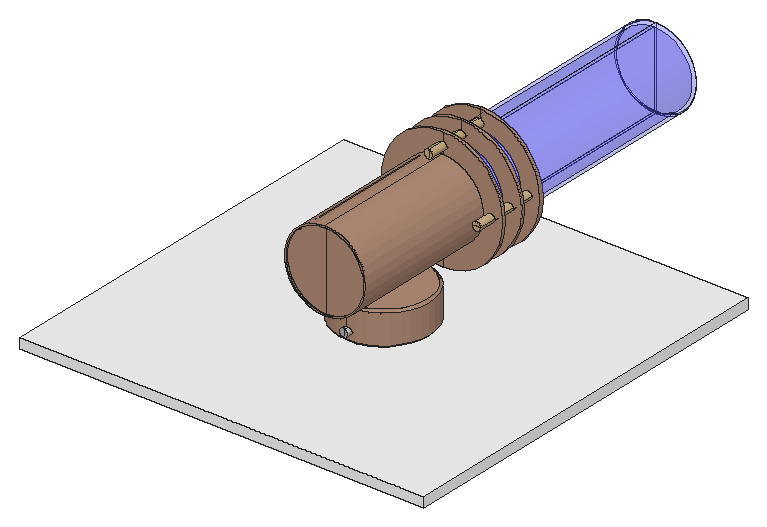
Revit family "BE_31094_de_DE", category Leuchten, Revit 2020
Family settings
  Basisbauteil = Fläche
  Bemaßung runder Anschluss = Durchmesser verwenden
  Teiletyp = Normal
  Beim Laden mit Abzugskörper schneiden = Ja
  Lichtquelle = Ja
  Gemeinsam genutzt = Nein
  Raumberechnungspunkt = Ja
Parameters (values of type "BEGA_31094_K3")
  built-in parameter 1150104 = 17.782 (stored number, unit not read)
  Wattage = 2.9 W
  Default Elevation = 0 mm
  built-in parameter 1150113 = 1 (stored number, unit not read)
  built-in parameter 1114218 = 1 (stored number, unit not read)
  Umgebungstemperatur = "25 °C"
  URL = "https://www.bega.com/de/produkt/31094"
  Typenkommentare = "© 2022 BEGA. Wir behalten uns das Recht vor, technische Änderungen ohne vorherige Ankündigung vorzunehmen."  # constant formula
  built-in parameter 1150134 = (empty or 0)
  built-in parameter 1150109 = 1 (stored number, unit not read)
  Strom = ""
  built-in parameter 1150110 = 1 (stored number, unit not read)
  Spannung = 239.996 V
  Sonderanfertigung = no
  Seriennummer [instance] = "Hier können Sie die eindeutige Seriennummer für das Facility Management eintragen."
  Schutzklasse = "I"
  Schutzart = "IP 44"
  Scheinlast = 0 VA
  Produktdatenblatt = "https://cdn.bega.com/bega/products/31094K3/current/documents/data-sheets/de"
  Oberflächentemperatur = ""
  Neigungswinkel = 0.00°
  Modell = "31094K3"
  Material_31 = BEGA_Oberfläche_Messing_matt
  Material_28 = BEGA_Oberfläche_Kupfer_gefaerbt_matt
  Material_18 = BEGA_Gummi_schwarz
  Material_17 = BEGA_Reflektor
  Material_15 = BEGA_Leuchtmedium_matt
  Material_11 = BEGA_Glas_opal
  Material_09 = BEGA_Glas_klar
  Material_06 = BEGA_Oberfläche_Edelstahl_gebürstet
  Material_03 = BEGA_Oberfläche_Weiss_matt
  Material_02 = BEGA_Oberfläche_Silber_matt
  Material_01 [instance] = BEGA_Oberfläche_Grafit_matt
  M_W = no
  M_G = no
  M_A = no
  Logo = 0
  built-in parameter 1114217 = 1 (stored number, unit not read)
  built-in parameter 1150139 = (empty or 0)
  built-in parameter 1150105 = 44.17 (stored number, unit not read)
  built-in parameter 1150114 = 1 (stored number, unit not read)
  Lumens = 555.06 lm
  built-in parameter 1150115 = 1 (stored number, unit not read)
  Leuchtenlichtstrom = "383 lm"
  Leuchtenanzahl = ""
  Lebensdauerkriterien = "L70B50 @ 25 °C = 200000 h"
  Lastklassifizierung = Beleuchtung
  built-in parameter 1150112 = 1 (stored number, unit not read)
  Lampenlichtstrom = "590 lm"
  Lampe = "LED 2.8 W"
  LED_Modulbezeichnung = "LED-0317/830"
  built-in parameter 1150142 = (empty or 0)
  Hersteller = "BEGA"  # constant formula
  Halbstreuwinkel = ""
  Gewicht = "2.0 kg"
  Gebrauchslageneinschränkung [instance] = ""
  Frequenz = "0/50-60 Hz"
  Farbwiedergabeindex = "CRI > 80"
  Farbtemperaturverschiebung bei Dämpfen der Lampe = <Keine Auswahl>
  Farbtemperatur = "3000 K"
  Color Filter = 16777215
  built-in parameter 1150133 = 10 (stored number, unit not read)
  Energieeffizienzklasse = "LED A++ - A"
  built-in parameter 1150137 = (empty or 0)
  built-in parameter 1150132 = (empty or 0)
  ENEC = "ja"
  Datei für fotometrisches Netz = "BE_31094K3.IES"
  CE_Konformität = "ja"
  Bestellnummer = "31094K3"
  Beschreibung_Sonderanfertigung = "Hier können Sie Informationen zur Sonderanfertigung eintragen."
  Beschreibung = "Wandleuchte"
  built-in parameter 1150106 = 0.4417 (stored number, unit not read)
  Befestigungsbohrung = "Ø 4,5 mm"
  Befestigungsabstand = "52 mm"
  Ballwurfsicher = ""
  BEGA_Intern_aus = yes
  BEGA_Intern_an = yes
  BEGA_Intern_Konstruktion = yes
  BEGA_Intern = yes
  BEGA_IES = yes
  BEGA_Dummy = no
  Anschlussleitung = ""
  Anschlussleistung [instance] = "3.9 W"
  built-in parameter 1150107 = 3000 (stored number, unit not read)
  built-in parameter 1150102 = (empty or 0)
  built-in parameter 1150138 = (empty or 0)
  Aktualisierung = "2022-05-18T04:00:07"
  Abstand_zur_angestrahlten_Fläche [instance] = ""
  AC/DC = "AC/DC"
Reference planes
  plane 1 "Mitte (Vorne/Hinten)": y = 0
  plane 2: z = 0
  plane 3 "Mitte (Links/Rechts)": x = 0
  plane 4 "Links": x = -60
  plane 5 "Rechts": x = 60
  plane 6 "Unten": y = -72.5
  plane 7 "Oben": y = 337.5
  plane 8 "Vorne": z = 133.673
  plane 9 "Hinten": z = 0
Forms (mm)
  Extrusion 1, solid, material "BEGA_Platte_Weiss"
    sketch origin (0, -1119.2, 0) x (1, 0, 0) y (0, 1, 0)
      loop
        line (-200, 1319.2) -> (-200, 919.2) -> (200, 919.2) -> (200, 1319.2) -> (-200, 1319.2)
    from 0 to -10
  Extrusion 2, solid, material "BEGA_Dummy_matt", visible <- "BEGA_Dummy"
    sketch origin (80.095, -76.023, 0) x (1, 0, 0) y (0, 1, 0)
      loop
        line (-140.095, 413.523) -> (-140.095, 3.523) -> (-20.095, 3.523) -> (-20.095, 413.523) -> (-140.095, 413.523)
    from 0 to 133.673
Dimensions and locks
  plane 1 "Mitte (Vorne/Hinten)" to Extrusion 1 = 200 mm
  aligned and locked: plane 2 to Extrusion 1
  aligned and locked: level to Extrusion 1
Nested families
  nested 1: "BE_31094" at (0, 0, 0), type "BE_31094"
Connectors
  electrical at (0, 0, 0), driven by "Lastklassifizierung", driven by "Spannung", driven by "Scheinlast"
    settings: index 1, voltage 239.996 V, apparent load 0 VA, apparent load phase1 0 VA, apparent load phase2 0 VA, apparent load phase3 0 VA, power factor 1, load classification "Beleuchtung", number of poles 1, system type 31, power factor state 1, is connector primary yes, connector utility no, sub classification motor no, connector description ""
Definition of nested family "BE_31094"
  Parameters (values of type "BE_31094")
    Default Elevation = 1 mm
    URL = "http://www.bega.de/de/produkt"
    Type Comments = "© 2015 BEGA. Wir behalten uns das Recht vor, technische Änderungen ohne vorherige Ankündigung vorzunehmen. "  # constant formula
    Type Image = (empty or 0)
    Neigungswinkel_um_Z2 = 0.00°
    Neigungswinkel_um_Z1 = 0.00°
    Neigungswinkel_um_Y2 = 0.00°
    Neigungswinkel_um_Y1 = 0.00°
    Neigungswinkel_um_X2 = 0.00°
    Neigungswinkel_um_X1 = 0.00°
    Material_31 = none
    Material_28 = none
    Material_18 = none
    Material_17 = none
    Material_15 = none
    Material_11 = none
    Material_09 = none
    Material_06 = none
    Material_05 = none
    Material_03 = none
    Material_02 = none
    Material_01 = none
    M_W = yes
    M_G = yes
    M_A = yes
    Länge_Platte = 200 mm  # constant formula
    Höhe_Platte = -10 mm  # constant formula
    Manufacturer = "BEGA"  # constant formula
    Drehwinkel_um_Z2 = 0.00°
    Drehwinkel_um_Z1 = 0.00°
    Breite_Platte = 200 mm  # constant formula
  Reference planes
    plane 1 "Mitte (Oben/Unten)": y = 0
    plane 2: z = 0
    plane 3 "Mitte (Links/Rechts)": x = 0
    plane 4: y = 337.5
    plane 5: z = 133.673
    plane 6: y = -72.5
    plane 7: z = 0
    plane 8: x = -60
    plane 9: x = 60
  Forms (mm)
    Extrusion 1, solid, detail levels medium
      sketch origin (0, 0, 0) x (1, 0, 0) y (0, 1, 0)
        loop
          line (-100, 100) -> (-100, -100) -> (100, -100) -> (100, 100) -> (-100, 100)
      from 0 to -10 <- "Höhe_Platte"
    Revolve 2, solid, material <- "Material_06", detail levels fine
      sketch origin (0, 0, 0) x (0, 1, 0) y (0, 0, 1)
        loop
          line (-49.382, 8.747) -> (-40.021, 8.747) -> (-40.021, 12.7) -> (-49.382, 12.7) -> (-49.382, 8.747)
        axis (-40.021, 8.747) -> (-49.382, 8.747)
      angle from 0 to 360
    Revolve 3, solid, material <- "Material_06", detail levels fine
      sketch origin (0, 0, 10) x (-1, 0, 0) y (0, -1, 0)
        loop
          line (-32.173, -32.173) -> (-30.579, -33.768)
          arc (-30.579, -33.768) -> (-30.034, -33.871) -> (-29.729, -33.407) r 0.5
          arc (-29.729, -33.407) -> (-30.687, -32.527) -> (-31.621, -31.621) r 45.5
          line (-31.621, -31.621) -> (-32.173, -32.173)
        axis (-32.173, -32.173) -> (-31.466, -31.466)
      angle from 0 to 360
    Revolve 4, solid, material <- "Material_06", detail levels medium+fine
      sketch origin (0, 0, 0) x (0, 1, 0) y (0, 0, 1)
        loop
          line (0, 2.75) -> (31.5, 2.75) -> (33.511, 0.538)
          arc (33.511, 0.538) -> (34.027, 0.141) -> (34.662, 0) r 1.5
          line (34.662, 0) -> (44.75, 0) -> (44.75, 1.25) -> (34.7, 1.25) -> (32.7, 3.495)
          arc (32.7, 3.495) -> (32.193, 3.868) -> (31.577, 4) r 1.5
          line (31.577, 4) -> (0, 4) -> (0, 2.75)
        axis (0, 4) -> (0, 0)
      angle from 0 to 360
    Extrusion 5, void
      sketch origin (0, 0, 0) x (1, 0, 0) y (0, 1, 0)
        loop
          circle (0, -4) r 8.5
        loop
          circle (26, 0) r 2.25
        loop
          circle (-26, 0) r 2.25
      from 1.889 to 4.816
    Revolve 6, solid, material <- "Material_28", detail levels medium+fine
      sketch origin (0, 0, 0) x (0, 1, 0) y (0, 0, 1)
        loop
          line (72.787, 33.673) -> (72.787, 35.673) -> (-68.5, 35.673) -> (-68.5, 73.673) -> (-71.5, 73.673) -> (-71.5, 35.173) -> (-72.5, 35.173) -> (-72.5, 33.673) -> (72.787, 33.673)
        axis (72.787, 73.673) -> (-72.5, 73.673)
      angle from 0 to 360
    Revolve 7, solid, material <- "Material_11", detail levels medium+fine
      sketch origin (0, 0, 0) x (0, 1, 0) y (0, 0, 1)
        loop
          line (334.5, 111.173) -> (334.5, 73.673) -> (337.5, 73.673) -> (337.5, 113.173)
          arc (337.5, 113.173) -> (337.207, 113.88) -> (336.5, 114.173) r 1
          line (336.5, 114.173) -> (78.5, 114.173)
          arc (78.5, 114.173) -> (77.793, 113.88) -> (77.5, 113.173) r 1
          line (77.5, 113.173) -> (77.5, 108.173) -> (56.639, 105.423) -> (52, 105.423) -> (52, 101.423) -> (78.5, 101.423)
          arc (78.5, 101.423) -> (79.914, 102.009) -> (80.5, 103.423) r 2
          line (80.5, 103.423) -> (80.5, 109.173)
          arc (80.5, 109.173) -> (81.086, 110.587) -> (82.5, 111.173) r 2
          line (82.5, 111.173) -> (334.5, 111.173)
        axis (337.5, 73.673) -> (52, 73.673)
      angle from 0 to 360
    Extrusion 8, solid, material <- "Material_18", detail levels medium+fine
      sketch origin (0, 0, 0) x (0, 1, 0) y (0, 0, 1)
        loop
          line (-19.509, 34.037) -> (-19.509, 33.026) -> (19.5, 33.026) -> (19.5, 34.037) -> (-19.509, 34.037)
      from -7 to 7
    Revolve 9, solid, material <- "Material_28", detail levels medium+fine
      sketch origin (0, 0, 0) x (0, 1, 0) y (0, 0, 1)
        loop
          line (118.2, 133.673) -> (118.2, 115.673) -> (121.2, 115.673) -> (121.2, 133.673) -> (118.2, 133.673)
        loop
          line (95.2, 133.673) -> (95.2, 115.673) -> (98.2, 115.673) -> (98.2, 133.673) -> (95.2, 133.673)
        axis (121.2, 73.673) -> (95.2, 73.673)
      angle from 0 to 360
    Revolve 10, solid, material <- "Material_28", detail levels medium+fine
      sketch origin (0, 0, 0) x (0, 1, 0) y (0, 0, 1)
        loop
          line (72.5, 133.673) -> (72.5, 109.222) -> (75.2, 109.222) -> (75.2, 133.673) -> (72.5, 133.673)
        axis (75.2, 73.673) -> (72.5, 73.673)
      angle from 0 to 360
    Revolve 11, solid, material <- "Material_31", detail levels medium+fine
      sketch origin (0, 0, 79.635) x (0, 0, -1) y (0, 1, 0)
        loop
          arc (-41.522, 123.5) -> (-43.831, 122.888) -> (-45.522, 121.2) r 4.6
          line (-45.522, 121.2) -> (-44.122, 121.2) -> (-44.122, 118.2) -> (-45.522, 118.2) -> (-45.522, 55.5) -> (-41.522, 55.5) -> (-41.522, 123.5)
        axis (-41.522, 123.5) -> (-41.522, 55.5)
      angle from 0 to 360
    Revolve 12, solid, material <- "Material_28", detail levels medium+fine
      sketch origin (0, 0, 0) x (0, 1, 0) y (0, 0, 1)
        loop
          line (45.5, 1.25) -> (45.5, 29.75)
          arc (45.5, 29.75) -> (44.139, 30.711) -> (43.5, 32.25) r 3
          line (43.5, 32.25) -> (0, 32.25) -> (0, 29.75) -> (41.5, 29.75) -> (43.5, 27.75) -> (43.5, 1.25) -> (45.5, 1.25)
        axis (0, 32.25) -> (0, 1.25)
      angle from 0 to 360
    Extrusion 13, solid, material <- "Material_28", detail levels medium+fine
      sketch origin (0, 0, 0) x (1, 0, 0) y (0, 0, 1)
        loop
          arc (9.5, 34.818) -> (0, 33.673) -> (-9.5, 34.818) r 40
          line (-9.5, 34.818) -> (-9.5, 32.25) -> (9.5, 32.25) -> (9.5, 34.818)
      from -22.901 to 22.875
    Revolve 14, solid, material <- "Material_31", detail levels medium+fine
      sketch origin (5.962, 0, 73.673) x (-1, 0, 0) y (0, 1, 0)
        loop
          arc (-41.522, 123.5) -> (-43.831, 122.888) -> (-45.522, 121.2) r 4.6
          line (-45.522, 121.2) -> (-44.122, 121.2) -> (-44.122, 118.2) -> (-45.522, 118.2) -> (-45.522, 55.5) -> (-41.522, 55.5) -> (-41.522, 123.5)
        axis (-41.522, 123.5) -> (-41.522, 55.5)
      angle from 0 to 360
    Revolve 15, solid, material <- "Material_31", detail levels medium+fine
      sketch origin (-5.961, 0, 73.673) x (1, 0, 0) y (0, 1, 0)
        loop
          arc (-41.522, 123.5) -> (-43.831, 122.888) -> (-45.522, 121.2) r 4.6
          line (-45.522, 121.2) -> (-44.122, 121.2) -> (-44.122, 118.2) -> (-45.522, 118.2) -> (-45.522, 55.5) -> (-41.522, 55.5) -> (-41.522, 123.5)
        axis (-41.522, 123.5) -> (-41.522, 55.5)
      angle from 0 to 360
    Revolve 16, solid, material <- "Material_31", detail levels medium+fine
      sketch origin (0, 0, 67.712) x (0, 0, 1) y (0, 1, 0)
        loop
          arc (-41.522, 123.5) -> (-43.831, 122.888) -> (-45.522, 121.2) r 4.6
          line (-45.522, 121.2) -> (-44.122, 121.2) -> (-44.122, 118.2) -> (-45.522, 118.2) -> (-45.522, 55.5) -> (-41.522, 55.5) -> (-41.522, 123.5)
        axis (-41.522, 123.5) -> (-41.522, 55.5)
      angle from 0 to 360
    Revolve 17, solid, material <- "Material_06", detail levels fine
      sketch origin (0, 0, 10) x (1, 0, 0) y (0, 1, 0)
        loop
          line (-32.173, 32.173) -> (-31.621, 31.621)
          arc (-31.621, 31.621) -> (-30.687, 32.527) -> (-29.729, 33.407) r 45.5
          arc (-29.729, 33.407) -> (-30.034, 33.871) -> (-30.579, 33.768) r 0.5
          line (-30.579, 33.768) -> (-32.173, 32.173)
        axis (-32.173, 32.173) -> (-31.466, 31.466)
      angle from 0 to 360
  Cuts and joins
    Extrusion 5 cuts Revolve 4
    joined: Revolve 6, Revolve 9, Revolve 10, Revolve 12, Extrusion 13
  Dimensions and locks
    equal spacing: Extrusion 1 sketch curve, plane 3 "Mitte (Links/Rechts)", Extrusion 1 sketch curve
    equal spacing: Extrusion 1 sketch curve, plane 1 "Mitte (Oben/Unten)", Extrusion 1 sketch curve
    "Länge_Platte": Extrusion 1 sketch curve to Extrusion 1 sketch curve
    "Breite_Platte": Extrusion 1 sketch curve to Extrusion 1 sketch curve
    aligned and locked: Extrusion 1 to plane 2
    aligned and locked: level to Extrusion 1
  Automatic sketch dimensions
    Revolve 3 sketch curve to Revolve 3 sketch curve = 0.553 mm  (x2)
    Revolve 3 sketch curve to Revolve 3 sketch curve = 1.594 mm  (x2)
    Revolve 3 sketch curve to Revolve 3 sketch curve = 0.35 mm
    Revolve 3 sketch curve to plane 3 "Mitte (Links/Rechts)" = 0.553 mm
    Revolve 3 sketch curve to plane 1 "Mitte (Oben/Unten)" = 33.768 mm
    Revolve 3 sketch curve to Revolve 3 sketch curve = 0.357 mm
    plane 1 "Mitte (Oben/Unten)" to Revolve 3 sketch curve = 0.553 mm
    Revolve 3 sketch curve to Revolve 3 sketch curve = 0 mm  (x2)
    Revolve 3 sketch curve to Revolve 3 sketch curve = 0.711 mm  (x2)
    Revolve 4 sketch curve to plane 1 "Mitte (Oben/Unten)" = 0 mm  (x2)
    level to Revolve 4 sketch curve = 2.75 mm
    Revolve 4 sketch curve to Revolve 4 sketch curve = 31.5 mm
    Revolve 4 sketch curve to Revolve 4 sketch curve = 0.077 mm
    level to Revolve 4 sketch curve = 3.495 mm
    Revolve 4 sketch curve to Revolve 4 sketch curve = 1.122 mm
    level to Revolve 4 sketch curve = 0.538 mm
    Revolve 4 sketch curve to Revolve 4 sketch curve = 1.934 mm
    Revolve 4 sketch curve to Revolve 4 sketch curve = 1.151 mm
    level to Revolve 4 sketch curve = 1.25 mm
    Revolve 4 sketch curve to Revolve 4 sketch curve = 0.038 mm
    Revolve 4 sketch curve to level = 0 mm
    Revolve 4 sketch curve to Revolve 4 sketch curve = 10.088 mm
    Revolve 4 sketch curve to Revolve 4 sketch curve = 0.25 mm
    Revolve 4 sketch curve to level = 3.15 mm
    Revolve 4 sketch curve to Revolve 4 sketch curve = 0 mm
    plane 1 "Mitte (Oben/Unten)" to Extrusion 5 sketch curve = 0 mm  (x2)
    Extrusion 5 sketch curve to plane 3 "Mitte (Links/Rechts)" = 0 mm
    plane 1 "Mitte (Oben/Unten)" to Extrusion 5 sketch curve = 4 mm
    Revolve 6 sketch curve to Revolve 6 sketch curve = 1 mm
    Revolve 6 sketch curve to Revolve 6 sketch curve = 3 mm
    level to Revolve 6 sketch curve = 33.673 mm
    Revolve 6 sketch curve to plane 1 "Mitte (Oben/Unten)" = 72.787 mm
    Revolve 6 sketch curve to Revolve 6 sketch curve = 1.5 mm
    Revolve 6 sketch curve to Revolve 6 sketch curve = 2 mm
    Revolve 6 sketch curve to Revolve 6 sketch curve = 38 mm
    Revolve 6 sketch curve to Revolve 6 sketch curve = 0 mm
    Revolve 7 sketch curve to plane 1 "Mitte (Oben/Unten)" = 52 mm
    Revolve 7 sketch curve to Revolve 7 sketch curve = 4.639 mm
    Revolve 7 sketch curve to Revolve 7 sketch curve = 20.861 mm
    Revolve 7 sketch curve to Revolve 7 sketch curve = 1 mm  (x3)
    Revolve 7 sketch curve to Revolve 7 sketch curve = 5 mm
    Revolve 7 sketch curve to Revolve 7 sketch curve = 2 mm  (x4)
    Revolve 7 sketch curve to Revolve 7 sketch curve = 4 mm  (x2)
    Revolve 7 sketch curve to Revolve 7 sketch curve = 4.75 mm
    Revolve 7 sketch curve to Revolve 7 sketch curve = 0 mm  (x11)
    Revolve 7 sketch curve to Revolve 7 sketch curve = 39.942 mm
    plane 1 "Mitte (Oben/Unten)" to Extrusion 8 sketch curve = 19.509 mm
    Extrusion 8 sketch curve to plane 1 "Mitte (Oben/Unten)" = 19.5 mm
    level to Extrusion 8 sketch curve = 33.026 mm
    Extrusion 8 sketch curve to Extrusion 8 sketch curve = 1.011 mm
    Revolve 9 sketch curve to plane 1 "Mitte (Oben/Unten)" = 95.2 mm
    Revolve 9 sketch curve to Revolve 9 sketch curve = 3 mm  (x2)
    Revolve 9 sketch curve to Revolve 9 sketch curve = 20 mm
    Revolve 9 sketch curve to Revolve 9 sketch curve = 18 mm  (x2)
    plane 1 "Mitte (Oben/Unten)" to Revolve 9 sketch curve = 9.801 mm
    Revolve 10 sketch curve to plane 1 "Mitte (Oben/Unten)" = 72.5 mm
    Revolve 10 sketch curve to Revolve 10 sketch curve = 2.7 mm
    Revolve 10 sketch curve to Revolve 10 sketch curve = 3.856 mm
    Revolve 10 sketch curve to Revolve 10 sketch curve = 20 mm
    Revolve 10 sketch curve to Revolve 10 sketch curve = 35.549 mm
    Revolve 11 sketch curve to plane 1 "Mitte (Oben/Unten)" = 55.5 mm
    Revolve 11 sketch curve to Revolve 11 sketch curve = 0 mm  (x2)
    Revolve 11 sketch curve to Revolve 11 sketch curve = 1.4 mm
    Revolve 11 sketch curve to Revolve 11 sketch curve = 2.584 mm
    Revolve 11 sketch curve to Revolve 11 sketch curve = 2.6 mm
    Revolve 11 sketch curve to Revolve 11 sketch curve = 62.7 mm
    Revolve 11 sketch curve to Revolve 11 sketch curve = 0.7 mm  (x2)
    Revolve 11 sketch curve to Revolve 11 sketch curve = 3 mm
    Revolve 11 sketch curve to Revolve 11 sketch curve = 2 mm
    Revolve 12 sketch curve to plane 1 "Mitte (Oben/Unten)" = 0 mm  (x2)
    Revolve 12 sketch curve to plane 1 "Mitte (Oben/Unten)" = 41.5 mm
    Revolve 12 sketch curve to Revolve 12 sketch curve = 2 mm  (x5)
    level to Revolve 12 sketch curve = 1.25 mm
    Revolve 12 sketch curve to Revolve 12 sketch curve = 2.981 mm
    Revolve 12 sketch curve to Revolve 12 sketch curve = 26.5 mm
    Revolve 12 sketch curve to Revolve 12 sketch curve = 2.5 mm
    Revolve 12 sketch curve to Revolve 12 sketch curve = 7.5 mm
    Revolve 12 sketch curve to Revolve 12 sketch curve = 0 mm
    Extrusion 13 sketch curve to plane 3 "Mitte (Links/Rechts)" = 0 mm
    Extrusion 13 sketch curve to plane 3 "Mitte (Links/Rechts)" = 9.5 mm
    plane 3 "Mitte (Links/Rechts)" to Extrusion 13 sketch curve = 9.5 mm
    level to Extrusion 13 sketch curve = 32.25 mm
    Extrusion 13 sketch curve to Extrusion 13 sketch curve = 2.568 mm
    Revolve 14 sketch curve to plane 1 "Mitte (Oben/Unten)" = 55.5 mm
    Revolve 14 sketch curve to Revolve 14 sketch curve = 0 mm  (x2)
    Revolve 14 sketch curve to Revolve 14 sketch curve = 1.4 mm
    Revolve 14 sketch curve to Revolve 14 sketch curve = 2.584 mm
    Revolve 14 sketch curve to Revolve 14 sketch curve = 2.6 mm
    Revolve 14 sketch curve to Revolve 14 sketch curve = 62.7 mm
    Revolve 14 sketch curve to Revolve 14 sketch curve = 0.7 mm  (x2)
    Revolve 14 sketch curve to Revolve 14 sketch curve = 3 mm
    Revolve 14 sketch curve to Revolve 14 sketch curve = 2 mm
    Revolve 15 sketch curve to plane 1 "Mitte (Oben/Unten)" = 55.5 mm
    Revolve 15 sketch curve to Revolve 15 sketch curve = 0 mm  (x2)
    Revolve 15 sketch curve to Revolve 15 sketch curve = 1.4 mm
    Revolve 15 sketch curve to Revolve 15 sketch curve = 2.584 mm
    Revolve 15 sketch curve to Revolve 15 sketch curve = 2.6 mm
    Revolve 15 sketch curve to Revolve 15 sketch curve = 62.7 mm
    Revolve 15 sketch curve to Revolve 15 sketch curve = 0.7 mm  (x2)
    Revolve 15 sketch curve to Revolve 15 sketch curve = 3 mm
    Revolve 15 sketch curve to Revolve 15 sketch curve = 2 mm
    Revolve 16 sketch curve to plane 1 "Mitte (Oben/Unten)" = 55.5 mm
    Revolve 16 sketch curve to Revolve 16 sketch curve = 0 mm  (x2)
    Revolve 16 sketch curve to Revolve 16 sketch curve = 1.4 mm
    Revolve 16 sketch curve to Revolve 16 sketch curve = 2.584 mm
    Revolve 16 sketch curve to Revolve 16 sketch curve = 2.6 mm
    Revolve 16 sketch curve to Revolve 16 sketch curve = 62.7 mm
    Revolve 16 sketch curve to Revolve 16 sketch curve = 0.7 mm  (x2)
    Revolve 16 sketch curve to Revolve 16 sketch curve = 3 mm
    Revolve 16 sketch curve to Revolve 16 sketch curve = 2 mm
    Revolve 17 sketch curve to Revolve 17 sketch curve = 0.553 mm  (x2)
    Revolve 17 sketch curve to Revolve 17 sketch curve = 1.594 mm
    Revolve 17 sketch curve to Revolve 17 sketch curve = 0.35 mm
    plane 3 "Mitte (Links/Rechts)" to Revolve 17 sketch curve = 0.553 mm
    plane 1 "Mitte (Oben/Unten)" to Revolve 17 sketch curve = 0.553 mm
    Revolve 17 sketch curve to plane 1 "Mitte (Oben/Unten)" = 31.621 mm
    Revolve 17 sketch curve to Revolve 17 sketch curve = 1.79 mm
    Revolve 17 sketch curve to Revolve 17 sketch curve = 0.357 mm
    Revolve 17 sketch curve to Revolve 17 sketch curve = 0 mm  (x2)
    Revolve 17 sketch curve to Revolve 17 sketch curve = 0.711 mm  (x2)
    level to Revolve 2 sketch curve = 8.747 mm
    Revolve 2 sketch curve to Revolve 2 sketch curve = 3.953 mm
    Revolve 2 sketch curve to Revolve 2 sketch curve = 0 mm  (x2)
    Revolve 2 sketch curve to Revolve 2 sketch curve = 2 mm
    Revolve 6 sketch curve to Revolve 6 sketch curve = 122.513 mm
    Revolve 7 sketch curve to plane 4 = 0 mm
    Revolve 9 sketch curve to plane 4 = 107.5 mm
    plane 6 to Revolve 2 sketch curve = 23.118 mm
    Revolve 2 sketch curve to Revolve 2 sketch curve = 9.361 mm
    Revolve 6 sketch curve to plane 6 = 0 mm
    Revolve 6 sketch curve to Revolve 6 sketch curve = 23.999 mm
    Revolve 7 sketch curve to plane 4 = 3 mm
    plane 5 to Revolve 7 sketch curve = 60 mm
    plane 5 to Revolve 7 sketch curve = 32.25 mm
    plane 5 to Revolve 7 sketch curve = 22.5 mm
    plane 5 to Revolve 9 sketch curve = 0 mm  (x2)
    plane 5 to Revolve 9 sketch curve = 60 mm
    plane 5 to Revolve 10 sketch curve = 0 mm
    plane 5 to Revolve 10 sketch curve = 24.451 mm
    Extrusion 13 sketch curve to Extrusion 13 sketch curve = 38.856 mm
    Extrusion 5 sketch curve to plane 3 "Mitte (Links/Rechts)" = 26 mm
    Revolve 17 sketch curve to plane 3 "Mitte (Links/Rechts)" = 30.229 mm
    plane 3 "Mitte (Links/Rechts)" to Revolve 3 sketch curve = 30.229 mm
    plane 3 "Mitte (Links/Rechts)" to Extrusion 5 sketch curve = 26 mm
    radius of Extrusion 5 sketch curve = 8.5 mm
    radius of Extrusion 5 sketch curve = 2.25 mm  (x2)
